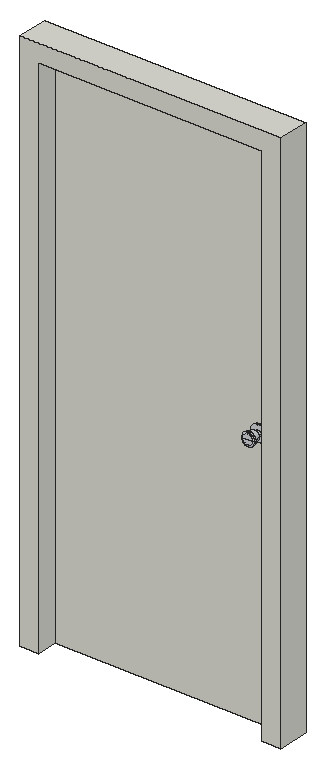
Revit family "D5_不鏽鋼門(甲種防火門)", category 門, Revit 2014
Parameters (values of type "100 x 210 cm")
  熱阻 (R) = 0.270117 (m²·K)/W
  Visual Light Transmittance = 0
  Solar Heat Gain Coefficient = 0
  營造類型 Id = "MDOOR"
  關鍵註記 = "單開門-矩形"
  傳熱係數 (U) = 3.7021 W/(m²·K)
  功能 = 室內
  門扇材料 = none
  門扇寬度 = Width - 2 * 開門側框寬度  # 900 mm
  門扇厚度 = 40 mm
  Assembly Code = ""
  Rough Height = Height  # 2100 mm
  Rough Width = Width  # 1000 mm
  框架深度 = 120 mm
  框擋板寬度 = 門扇厚度 / 2  # 20 mm
  框總寬度 [instance] = 開門側框寬度 + 框擋板寬度  # 70 mm
  Height = 2100 mm
  牆封閉 = 依主體
  框架材料 = none
  開門側框寬度 = 50 mm
  握把五金 = none
  Width = 1000 mm
  操作 = "左單開門方向"
  解析營造 = "金屬"
Reference planes
  plane 1: y = -210
  plane 2 "中心 (左/右)": x = 0
  plane 3 "左": x = -500
  plane 4 "右": x = 500
  plane 5: z = 2100
  plane 6 "外部": y = -135
  plane 7 "內部": y = -285
  plane 8: y = 320
  plane 9: y = -740
  plane 10: z = 1050
Forms (mm)
  Sweep 1, solid, material "鋼、油漆塗層、象牙白色、霧面"
    path origin (-5000, -210, 0) x (-1, 0, 0) y (0, 0, 1)
      loop
        line (-5500, 0) -> (-5500, 2100) -> (-4500, 2100) -> (-4500, 0)
    profile origin (500, -210, 1050) x (1, 0, 0) y (0, 1, 0)
      loop
        line (0, 60) -> (-50, 60) -> (-50, 20) -> (-70, 20) -> (-70, -60) -> (0, -60) -> (0, 60)
  Extrusion 2, solid, material "鋼、油漆塗層、象牙白色、霧面"
    sketch origin (-5000, -210, 0) x (1, 0, 0) y (0, 0, 1)
      loop
        line (4550, 2050) -> (4550, 0) -> (5450, 0) -> (5450, 2050) -> (4550, 2050)
    from -60 to -20
Lines and regions (mm)
  Opening 1
    outline origin (-3050, -285, 0) x (1, 0, 0) y (0, 0, 1)
      loop
        line (2550, 0) -> (3550, 0) -> (3550, 2100) -> (2550, 2100) -> (2550, 0)
  symbolic lines, style "Doors"
    curve 1: line (-450, -150, 0) -> (-410, -150, 0)
    curve 2: line (-450, 750, 0) -> (-450, -150, 0)
    curve 3: line (-410, 750, 0) -> (-450, 750, 0)
    curve 4: line (-410, -150, 0) -> (-410, 750, 0)
  symbolic lines, style "平面圖打開方向"
    curve 5: arc (450, -150, 0) -> (200.385, 472.093, 0) -> (-410, 749.111, 0) r 900
  symbolic lines, style "DoorsFrameMullionProjection"
    curve 6: line (-450, -150, 0) -> (-500, -150, 0)
    curve 7: line (-450, -270, 0) -> (-450, -150, 0)
    curve 8: line (-500, -270, 0) -> (-450, -270, 0)
    curve 9: line (-500, -150, 0) -> (-500, -270, 0)
    curve 10: line (450, -150, 0) -> (500, -150, 0)
    curve 11: line (450, -270, 0) -> (450, -150, 0)
    curve 12: line (500, -270, 0) -> (450, -270, 0)
    curve 13: line (500, -150, 0) -> (500, -270, 0)
  symbolic lines, style "立面圖打開方向"
    curve 14: line (-500, -285, 1050) -> (500, -285, 0)
    curve 15: line (-500, -135, 1050) -> (500, -135, 2100)
Text (mm)
  text "外部" at (-2295.016, 1099.543, 0), in view "參考樓層"
  text "外部" at (0, 1615.38, 3698.081), in view "左"
  text "外部" at (0, 1036.032, 3874.932), in view "右"
Dimensions and locks
  equal spacing: plane 3 "左", plane 2 "中心 (左/右)", plane 4 "右"
  "Width": plane 3 "左" to plane 4 "右"
  "Height": plane 5 to host wall
  host wall to plane 5 = 2100 mm  (x2)
  locked: plane 6 "外部" to host wall at 0
  locked: plane 7 "內部" to host wall
  equal spacing: Sweep 1 sketch curve, host wall, Sweep 1 sketch curve
  "框架深度": Sweep 1 sketch curve to Sweep 1 sketch curve
  "門扇厚度": Sweep 1 sketch curve to Sweep 1 sketch curve
  "開門側框寬度": Sweep 1 sketch curve to Sweep 1 sketch curve
  "框擋板寬度": Sweep 1 sketch curve to Sweep 1 sketch curve
  "Width": Sweep 1 sketch curve to Sweep 1 sketch curve
  "門扇厚度": curve 2 to curve 4
  "門扇寬度": curve 3 to curve 1
  "開門側框寬度": curve 11 to Sweep 1
  "開門側框寬度": curve 9 to curve 7
  equal spacing: Sweep 1, host wall, Sweep 1  (x2)
  "框架深度": Sweep 1 to Sweep 1  (x2)
  equal spacing: curve 6, plane 1, curve 8
  "框架深度": curve 6 to curve 8
  equal spacing: curve 12, plane 1, curve 10
  "框架深度": curve 12 to curve 10
  locked: nested 2 to Sweep 1 at 75
  locked: nested 1 to Sweep 1 at 75
  equal spacing: plane 8, plane 1, plane 9
  plane 8 to plane 9 = 1060 mm
  "門扇厚度": Extrusion 2 to Extrusion 2
  equal spacing: plane 5, plane 10, level
  "門扇寬度": radius of curve 5
  aligned and locked: plane 3 "左" to Opening 1 sketch curve
  aligned and locked: plane 5 to Opening 1 sketch curve  (x2)
  aligned and locked: Opening 1 sketch curve to plane 4 "右"
  aligned and locked: Opening 1 sketch curve to level
  aligned and locked: plane 1 to host wall
  aligned and locked: Sweep 1 to Extrusion 2 sketch curve
  aligned and locked: Extrusion 2 sketch curve to Sweep 1  (x2)
  aligned and locked: level to Extrusion 2 sketch curve
  aligned and locked: Extrusion 2 to Sweep 1
  aligned and locked: nested 1 to Extrusion 2
  aligned and locked: Extrusion 2 to nested 2
  aligned and locked: plane 4 "右" to curve 15
  aligned and locked: plane 5 to curve 15
  aligned and locked: level to curve 14
  aligned and locked: plane 4 "右" to curve 14
  aligned and locked: plane 10 to curve 15
  aligned and locked: plane 3 "左" to curve 15
  aligned and locked: curve 14 to curve 15
Automatic sketch dimensions
  Sweep 1 sketch curve to plane 4 "右" = 0 mm
  Sweep 1 sketch curve to level = 0 mm  (x2)
  Sweep 1 sketch curve to plane 5 = 0 mm
  Sweep 1 sketch curve to profile plane = 0 mm
  curve 9 to plane 3 "左" = 0 mm
  curve 12 to plane 4 "右" = 0 mm
  curve 14 to plane 10 = 0 mm
Nested families
  nested 1: "喇叭鎖" at (430, -190, 0) x (-1, 0, 0) z (0, 0, 1), type "喇叭鎖"
  nested 2: "喇叭鎖" at (430, -150, 0) x (-1, 0, 0) z (0, 0, 1), type "喇叭鎖"
  nested 3: "喇叭鎖" at (365, 60, 1000), type "喇叭鎖", not visible
  nested 4: "喇叭鎖" at (365, 20, 1000), type "喇叭鎖", not visible
Definition of nested family "喇叭鎖"
  Parameters (values of type "喇叭鎖")
    Assembly Code = ""
    握把高度 = 1000 mm
    握把與版面側邊距離 = 75 mm
    握把五金 = none
  Reference planes
    plane 1 "中心 (前/後)": y = 0
    plane 2: z = 0
    plane 3 "中心 (左/右)": x = 0
    plane 4: x = 75
  Forms (mm)
    Revolve 1, solid, material <- "握把五金"
      sketch origin (511.236, -60, 1000) x (1, 0, 0) y (0, 1, 0)
        loop
          line (-436.236, 60) -> (-406.236, 60) -> (-406.236, 66) -> (-426.236, 66) -> (-426.236, 85) -> (-417.636, 85) -> (-411.236, 109.7) -> (-411.236, 113.2) -> (-415.736, 115) -> (-436.236, 115) -> (-436.236, 60)
        axis (-436.236, 60) -> (-436.236, 115)
      angle from 0 to 360
  Dimensions and locks
    "握把與版面側邊距離": plane 3 "中心 (左/右)" to plane 4
    "握把高度": Revolve 1 to level
  Automatic sketch dimensions
    plane 3 "中心 (左/右)" to Revolve 1 sketch curve = 75 mm  (x2)
    Revolve 1 sketch curve to plane 1 "中心 (前/後)" = 0 mm
    plane 3 "中心 (左/右)" to Revolve 1 sketch curve = 85 mm
    Revolve 1 sketch curve to Revolve 1 sketch curve = 8.6 mm
    plane 3 "中心 (左/右)" to Revolve 1 sketch curve = 95.5 mm
    Revolve 1 sketch curve to Revolve 1 sketch curve = 4.5 mm
    Revolve 1 sketch curve to Revolve 1 sketch curve = 20 mm
    plane 1 "中心 (前/後)" to Revolve 1 sketch curve = 60 mm
    Revolve 1 sketch curve to Revolve 1 sketch curve = 6 mm
    Revolve 1 sketch curve to Revolve 1 sketch curve = 19 mm
    Revolve 1 sketch curve to Revolve 1 sketch curve = 24.7 mm
    Revolve 1 sketch curve to Revolve 1 sketch curve = 3.5 mm
    Revolve 1 sketch curve to Revolve 1 sketch curve = 1.8 mm
    Revolve 1 sketch curve to Revolve 1 sketch curve = 200 mm
